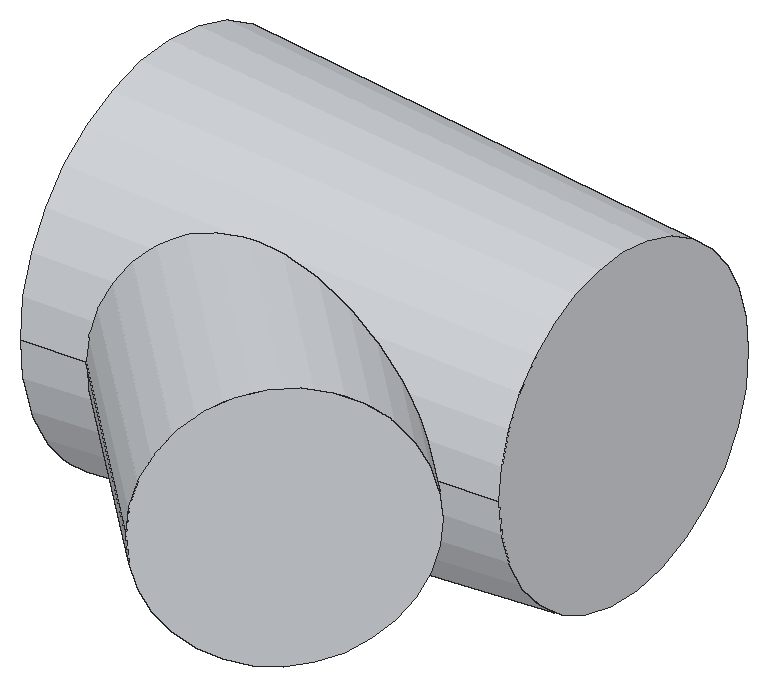
Revit family "M_Y redondo - Lateral - Corpo cônico", category Conexões de duto, Revit 2019
Family settings
  Cota do conector redondo = Usar raio
  Tipo de parte = Tê  lateral
  Número OmniClass = 23.75.70.14
  Título OmniClass = Air Ductwork
  ID de item do Seek = Round Wye - Lateral - Tapered Body-0000-CAN-ENU
  Com base no plano de trabalho = Não
  Sempre na vertical = Sim
  Corte com vazios quando carregada = Não
  Compartilhado = Não
Parameters (values of type "Padrão")
  Deslocamento da largura 7 [instance] = Deslocamento da largura 1 + Comprimento 4 - Comprimento do meio duto 2 - Comprimento do anteparo 1  # 10927.951 mm
  Deslocamento da largura 6 [instance] = if(Deslocamento da largura 1 > Deslocamento da largura 2 + Comprimento mínimo do duto 1, Deslocamento da largura 1, Deslocamento da largura 2 + Comprimento mínimo do duto 1)  # 11292.649 mm
  Deslocamento da largura 5 [instance] = if(Deslocamento da largura 2 > Deslocamento da largura 1, Deslocamento da largura 1, Deslocamento da largura 7)  # 10927.951 mm
  Deslocamento da largura 4 [instance] = Deslocamento da largura 1 + Comprimento do duto 3 Legenda * cos(Ângulo)  # 11207.294 mm
  Deslocamento da largura 3 [instance] = if(Ângulo < 90.00°, Deslocamento da largura 2 + Comprimento do anteparo 1 + Raio do duto 3 * sin(Ângulo), Deslocamento da largura 2 + Comprimento do anteparo 1 + 2 * Comprimento do meio duto 2 - Raio do duto 3 * sin(Ângulo))  # 11048.662 mm
  Deslocamento da largura 2 [instance] = Deslocamento da largura 1 + Comprimento 4 - Comprimento do meio duto 2 - Comprimento do anteparo 1  # 10927.951 mm
  Deslocamento da largura 1 [instance] = 10972.8 mm  # constant formula
  Comprimento do vazio 2 [instance] = if(Ângulo > 90.00°, if(-Deslocamento da largura 1 + (Deslocamento da largura 7 + Comprimento do duto 1) > Raio do duto 3 * sin(Ângulo), 3.175 mm, Raio do duto 3 * sin(Ângulo) - (Deslocamento da largura 7 + Comprimento do duto 1) + Deslocamento da largura 1), 3.175 mm)  # 3.175 mm
  Comprimento do vazio 1 [instance] = if(Ângulo < 90.00°, if(Deslocamento da largura 1 - Deslocamento da largura 7 > Raio do duto 3 * sin(Ângulo), 3.175 mm, Raio do duto 3 * sin(Ângulo) + Deslocamento da largura 7 - Deslocamento da largura 1), 3.175 mm)  # 25.862 mm
  Comprimento do anteparo 3 [instance] = 50 mm  # constant formula
  Comprimento do anteparo 2 [instance] = 50 mm  # constant formula
  Comprimento do anteparo 1 [instance] = 50 mm  # constant formula
  Comprimento mínimo do duto 1 [instance] = Comprimento do anteparo 1 + 2 * Comprimento do meio duto 2 + Comprimento do anteparo 2  # 364.698 mm
  Raio do duto máximo 12 [instance] = if(Raio do duto 1 > Raio do duto 2, Raio do duto 1, Raio do duto 2)  # 150 mm
  Comprimento 6 [instance] = Comprimento do duto 3 Legenda * sin(Ângulo)  # 234.494 mm
  Comprimento 56 [instance] = if(Raio do duto 1 > Raio do duto 2, Comprimento 54, Comprimento 55)  # 21.573 mm
  Comprimento 55 [instance] = -Comprimento 1 * Comprimento do anteparo 2 / (Comprimento do anteparo 1 + Comprimento do anteparo 2 + 2 * Comprimento do meio duto 2)  # -3.427 mm
  Comprimento 54 [instance] = Comprimento 1 * (Comprimento do anteparo 1 + 2 * Comprimento do meio duto 2) / (Comprimento do anteparo 1 + Comprimento do anteparo 2 + 2 * Comprimento do meio duto 2)  # 21.573 mm
  Comprimento 53 [instance] = if(Raio do duto 1 > Raio do duto 2, Comprimento 51, Comprimento 52)  # 3.427 mm
  Comprimento 52 [instance] = -Comprimento 1 * (Comprimento do anteparo 2 + 2 * Comprimento do meio duto 2) / (Comprimento do anteparo 1 + Comprimento do anteparo 2 + 2 * Comprimento do meio duto 2)  # -21.573 mm
  Comprimento 51 [instance] = Comprimento 1 * Comprimento do anteparo 1 / (Comprimento do anteparo 1 + Comprimento do anteparo 2 + 2 * Comprimento do meio duto 2)  # 3.427 mm
  Comprimento 4 [instance] = if(not(Ângulo = 90.00°), Comprimento 33 / tan(Ângulo), 0 mm)  # 137.5 mm
  Comprimento 33 [instance] = if(Raio do duto 1 > Raio do duto 2, Comprimento 31, Comprimento 32)  # 137.5 mm
  Comprimento 32 [instance] = Raio do duto máximo 12 + Comprimento 1 * (Comprimento do anteparo 2 + Comprimento do meio duto 2) / (Comprimento do anteparo 1 + Comprimento do anteparo 2 + 2 * Comprimento do meio duto 2)  # 162.5 mm
  Comprimento 31 [instance] = Raio do duto máximo 12 - Comprimento 1 * (Comprimento do anteparo 1 + Comprimento do meio duto 2) / (Comprimento do anteparo 1 + Comprimento do anteparo 2 + 2 * Comprimento do meio duto 2)  # 137.5 mm
  Comprimento 2 [instance] = Comprimento do anteparo 1 * sin(Ângulo) + Comprimento do anteparo 2 * sin(Ângulo) + Comprimento 1 * cos(Ângulo) - 2 * Raio do duto 3  # -111.612 mm
  Comprimento 1 [instance] = Raio do duto 1 - Raio do duto 2  # 25 mm
  Comprimento do meio duto 2 [instance] = (-Comprimento 2 + sqrt(Comprimento 2 ^ 2 + 8 * sin(Ângulo) * (Comprimento do anteparo 1 + Comprimento do anteparo 2) * Raio do duto 3)) / (4 * sin(Ângulo))  # 132.349 mm
  Raio do duto 3 [instance] = 100 mm
  Raio do duto 2 [instance] = 125 mm
  Raio do duto 1 [instance] = 150 mm
  Comprimento do duto 3 Legenda 3 [instance] = if(Comprimento do duto 3 Legenda 1 > Comprimento do duto 3 Legenda 2, Comprimento do duto 3 Legenda 1, Comprimento do duto 3 Legenda 2) + Comprimento do anteparo 3  # 331.624 mm
  Comprimento do duto 3 Legenda 2 [instance] = (Raio do duto máximo 12 - Comprimento 56 + Raio do duto 3 * cos(Ângulo)) / sin(Ângulo)  # 281.624 mm
  Comprimento do duto 3 Legenda 1 [instance] = (Raio do duto máximo 12 - Comprimento 53 - Raio do duto 3 * cos(Ângulo)) / sin(Ângulo)  # 107.285 mm
  Comprimento do duto 3 Legenda [instance] = if(Comprimento do duto 3 > Comprimento do duto 3 Legenda 3, Comprimento do duto 3, Comprimento do duto 3 Legenda 3)  # 331.624 mm
  Comprimento do duto 3 [instance] = 200 mm
  Comprimento do duto 1 [instance] = Comprimento do anteparo 1 + 2 * Comprimento do meio duto 2 + Comprimento do anteparo 2  # 364.698 mm
  Diâmetro do duto 3 [instance] = Raio do duto 3 * 2  # 200 mm
  Diâmetro do duto 2 [instance] = Raio do duto 2 * 2  # 250 mm
  Diâmetro do duto 1 [instance] = Raio do duto 1 * 2  # 300 mm
  Ângulo [instance] = 45.00°
Reference planes
  plane 1 "Centro (Frente/Trás)": y = 0
  plane 2: z = 0
  plane 3 "Centro (Esquerda/Direita)": x = 0
  plane 4: x = -10972.8
  plane 5 "S1": x = -44.849
  plane 6 "S2": x = 319.849
  plane 7 "Extremidade esquerda": x = -44.849
  plane 8: x = 234.494
  plane 9: x = 5.151
  plane 10: x = 137.5
  plane 11: x = 269.849
  plane 12 "Extremidade direita": x = 319.849
  plane 13: x = -70.711
  plane 14: x = 323.024
  plane 15: y = -150
  plane 16: y = -234.494
  plane 17: y = -146.573
  plane 18: y = -128.427
Forms (mm)
  Sweep 1, solid, detail levels medium+fine
    path in 3D
      loop
        line (234.494, -234.494, 0) -> (0, 0, 0)
    profile origin (117.247, -117.247, 0) x (-0.707107, -0.707107, 0) y (0, 0, 1)
      loop
        circle (0, 0) r 100
  Blend 2, solid, detail levels medium+fine
    base sketch origin (0, 0, 0) x (0, 1, 0) y (0, 0, 1)
      loop
        circle (0, 0) r 150
    top sketch origin (0, 0, 0) x (0, 1, 0) y (0, 0, 1)
      loop
        circle (0, 0) r 125
    from -44.849 to 319.849
  Extrusion 3, void
    sketch origin (0, 0, 0) x (0, 1, 0) y (0, 0, 1)
      loop
        circle (0, 0) r 150
    from -70.711 to -44.849
  Extrusion 4, void
    sketch origin (0, 0, 0) x (0, 1, 0) y (0, 0, 1)
      loop
        circle (0, 0) r 125
    from 319.849 to 323.024
Cuts and joins
  Extrusion 3, Extrusion 4 cuts Sweep 1
  joined: Sweep 1, Blend 2
Lines and regions (mm)
  model lines, detail levels coarse
    curve 1: line (234.494, -234.494, 0) -> (0, 0, 0)
    curve 2: line (-44.849, 0, 0) -> (319.849, 0, 0)
  sketch lines
    curve 3: line (234.494, -234.494, 0) -> (0, 0, 0)
Dimensions and locks
  "Deslocamento da largura 1": plane 4 to plane 3 "Centro (Esquerda/Direita)"
  "Deslocamento da largura 4": plane 4 to plane 8
  "Deslocamento da largura 5": plane 4 to plane 5 "S1"
  "Deslocamento da largura 6": plane 4 to plane 6 "S2"
  "Deslocamento da largura 7": plane 4 to plane 7 "Extremidade esquerda"
  "Comprimento do anteparo 1": plane 7 "Extremidade esquerda" to plane 9
  "Comprimento do meio duto 2": plane 9 to plane 10
  equal spacing: plane 9, plane 10, plane 11
  "Comprimento do anteparo 2": plane 11 to plane 12 "Extremidade direita"
  "Comprimento do vazio 1": plane 13 to plane 7 "Extremidade esquerda"
  "Comprimento do vazio 2": plane 12 "Extremidade direita" to plane 14
  "Raio do duto máximo 12": plane 15 to plane 1 "Centro (Frente/Trás)"
  "Comprimento 6": plane 16 to plane 1 "Centro (Frente/Trás)"
  "Comprimento 53": plane 17 to plane 15
  "Comprimento 56": plane 18 to plane 15
  "Comprimento do duto 3 Legenda": curve 1 to curve 1
  "Raio do duto 3": radius of Sweep 1 sketch curve
  "Raio do duto 1": radius of Blend 2 sketch curve
  "Raio do duto 2": radius of Blend 2 sketch curve
  "Raio do duto 1": radius of Extrusion 3 sketch curve
  "Raio do duto 2": radius of Extrusion 4 sketch curve
  "Ângulo": angle curve 1 to plane 1 "Centro (Frente/Trás)"
  aligned and locked: plane 3 "Centro (Esquerda/Direita)" to curve 1
  aligned and locked: plane 1 "Centro (Frente/Trás)" to curve 1
  aligned and locked: plane 5 "S1" to curve 2
  aligned and locked: plane 6 "S2" to curve 2
  aligned and locked: plane 1 "Centro (Frente/Trás)" to curve 2
  aligned and locked: plane 1 "Centro (Frente/Trás)" to Blend 2 sketch curve  (x2)
  aligned and locked: plane 2 to Blend 2 sketch curve  (x2)
  aligned and locked: Blend 2 to plane 7 "Extremidade esquerda"
  aligned and locked: Blend 2 to plane 12 "Extremidade direita"
  aligned and locked: plane 1 "Centro (Frente/Trás)" to Extrusion 3 sketch curve
  aligned and locked: plane 2 to Extrusion 3 sketch curve
  aligned and locked: Extrusion 3 to plane 13
  aligned and locked: plane 7 "Extremidade esquerda" to Extrusion 3
  aligned and locked: plane 1 "Centro (Frente/Trás)" to Extrusion 4 sketch curve
  aligned and locked: plane 2 to Extrusion 4 sketch curve
  aligned and locked: Extrusion 4 to plane 14
  aligned and locked: plane 12 "Extremidade direita" to Extrusion 4
Automatic sketch dimensions
  Sweep 1 sketch curve to profile plane = 0 mm
  profile plane to Sweep 1 sketch curve = 0 mm
Connectors
  hvac at (-44.849, 0, 0), driven by "Raio do duto 1"
    settings: on cut or joined group of Sweep 1, Blend 2, Extrusion 3, Extrusion 4, index 1, duct flow 0.0 L/s, flow factor 0, pres drop 0.0 Pa, loss coef 0, conn angle 0.00°, conn width 304.8 mm, conn height 304.8 mm, conn diameter 300 mm, duct sys type 28, conn prof type 0, flow config 0, flow direction 0, loss method 0, conn ref index 2, conn util no, is conn primary yes, conn desc ""
  hvac at (319.849, 0, 0), driven by "Raio do duto 2"
    settings: on cut or joined group of Sweep 1, Blend 2, Extrusion 3, Extrusion 4, index 2, duct flow 0.0 L/s, flow factor 0, pres drop 0.0 Pa, loss coef 0, conn angle 0.00°, conn width 304.8 mm, conn height 304.8 mm, conn diameter 250 mm, duct sys type 28, conn prof type 0, flow config 0, flow direction 0, loss method 0, conn ref index 1, conn util no, is conn primary no, conn desc ""
  hvac at (234.494, -234.494, 0), driven by "Raio do duto 3", driven by "Ângulo"
    settings: on cut or joined group of Sweep 1, Blend 2, Extrusion 3, Extrusion 4, index 3, duct flow 0.0 L/s, flow factor 0, pres drop 0.0 Pa, loss coef 0, conn angle 45.00°, conn width 304.8 mm, conn height 304.8 mm, conn diameter 200 mm, duct sys type 28, conn prof type 0, flow config 0, flow direction 0, loss method 0, conn ref index -1, conn util no, is conn primary no, conn desc ""
